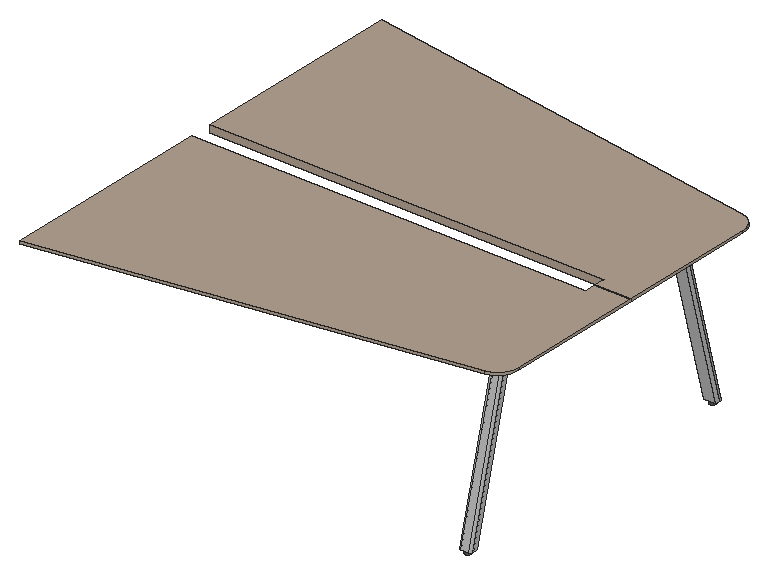
Revit family "Haworth_ActiveComponents_WedgeHalfConferenceEnd_BUILD2", category Furniture Systems, Revit 2015
Parameters (values of type "36d 72w - 66 Panel Width")
  Worksurface Finish [instance] = Haworth _ Wood _ Light Maple VP-LM
  With Leg = yes
  Width = 72"
  Warranty = "https://www.haworth.com/resources/product-info/warranties"
  URL - Product = "https://www.haworth.com/products/workspaces/accessories/active-components"
  URL = "www.haworth.com"
  Thickness = 1 3/16"  # constant formula
  Radius = 3"  # constant formula
  Panel Width = 66"
  Overhang = Actual Width - Panel Width  # 6"
  Min. Width = 60"  # constant formula
  Min. Depth = 28"  # constant formula
  Max. Width = 72"  # constant formula
  Size = "Verify Final Dim. w/ Haworth"  # constant formula
  Revision Number = "1"  # constant formula
  Model = "WAYE"  # constant formula
  Max. Depth = 36"  # constant formula
  Manufacturer = "Haworth"  # constant formula
  Leg Finish [instance] = Haworth _ Paint _ Metallic Champagne
  Leg F/B Offset = if(Actual Depth > 30", Actual Depth - 16 1/2", Actual Depth - 12 1/2")  # 19 1/2"
  Description = "Haworth - Active Components - Wedge Half Conference End"  # constant formula
  Depth = 36"
  Column Leg Offset = if(Actual Width = 72", 8 15/16", 7 15/16")  # 8 15/16"
  Column Leg Control = and(With Leg, not(Angled Leg Control))  # no
  Author = "Haworth (Alias)"  # constant formula
  Assembly Code = "E2020200"
  Angled Leg Offset = 5 3/4"  # constant formula
  Angled Leg Control = and(With Leg, Overhang = 6")  # yes
  Actual Width = if(Width < Min. Width, Min. Width, if(Width > Max. Width, Max. Width, Width))  # 72"
  Actual Height = 29 3/16"  # constant formula
  Actual Depth = if(Depth < Min. Depth, Min. Depth, if(Depth > Max. Depth, Max. Depth, Depth))  # 36"
Types (8): name | Width | Panel Width | Overhang | Leg F/B Offset | Depth | Column Leg Offset | Column Leg Control | Angled Leg Control | Actual Width | Actual Depth
  36d 72w - 66 Panel Width | 72" | 66" | 6" | 19 1/2" | 36" | 8 15/16" | no | yes | 72" | 36"
  36d 72w - 48 Panel Width | 72" | 48" | 24" | 19 1/2" | 36" | 8 15/16" | yes | no | 72" | 36"
  34d 60w - 54 Panel Width | 60" | 54" | 6" | 17 1/2" | 34" | 7 15/16" | no | yes | 60" | 34"
  34d 60w - 42 Panel Width | 60" | 42" | 18" | 17 1/2" | 34" | 7 15/16" | yes | no | 60" | 34"
  28d 60w - 42 Panel Width | 60" | 42" | 18" | 15 1/2" | 28" | 7 15/16" | yes | no | 60" | 28"
  28d 60w - 54 Panel Width | 60" | 54" | 6" | 15 1/2" | 28" | 7 15/16" | no | yes | 60" | 28"
  30d 72w - 48 Panel Width | 72" | 48" | 24" | 17 1/2" | 30" | 8 15/16" | yes | no | 72" | 30"
  30d 72w - 66 Panel Width | 72" | 66" | 6" | 17 1/2" | 30" | 8 15/16" | no | yes | 72" | 30"
Reference planes (in)
  plane 1: z = 0
  plane 2 "Center L/R": x = 17.5
  plane 3 "Left Edge": x = -18.5
  plane 4 "Mid Left": y = -8.17681
  plane 5 "Front": y = -26.17681
  plane 6 "End Left 1": y = 9.82319
  plane 7 "Right Edge": x = 53.5
  plane 8 "Mid Right": y = 31.44819
  plane 9 "Back": y = 49.44819
  plane 10 "End Right 1": y = 13.44819
  plane 11 "Center F/B": y = 11.63569
  plane 12 "Top": z = 29.1875
  plane 13: x = 47.75
  plane 14: x = 44.5625
  plane 15: y = -6.67681
  plane 16: y = 29.94819
Dimensions and locks (in)
  "Actual Depth": plane 6 "End Left 1" to plane 5 "Front"
  "Actual Width": plane 3 "Left Edge" to plane 7 "Right Edge"
  equal spacing: plane 3 "Left Edge", plane 2 "Center L/R", plane 7 "Right Edge"
  equal spacing: plane 5 "Front", plane 4 "Mid Left", plane 6 "End Left 1"
  "Actual Depth": plane 10 "End Right 1" to plane 9 "Back"
  equal spacing: plane 10 "End Right 1", plane 8 "Mid Right", plane 9 "Back"
  "Actual Height": plane 12 "Top" to plane 1
  "Angled Leg Offset": plane 13 to plane 7 "Right Edge"
  "Column Leg Offset": plane 14 to plane 7 "Right Edge"
  "Leg F/B Offset": plane 15 to plane 5 "Front"
  "Leg F/B Offset": plane 16 to plane 9 "Back"
  locked: plane 11 "Center F/B" to plane 6 "End Left 1" at 1.8125
  locked: plane 10 "End Right 1" to plane 11 "Center F/B" at 1.8125
  aligned and locked: plane 1 to nested 1
  aligned and locked: plane 1 to nested 2
  aligned and locked: nested 4 to plane 1
  aligned and locked: nested 3 to plane 1
  aligned and locked: nested 1 to plane 13
  aligned and locked: plane 13 to nested 3
  aligned and locked: plane 14 to nested 4
  aligned and locked: nested 2 to plane 14
  aligned and locked: nested 1 to plane 15
  aligned and locked: plane 16 to nested 3
  aligned and locked: plane 15 to nested 2
  aligned and locked: nested 4 to plane 16
  aligned and locked: plane 1 to nested 5
  aligned and locked: nested 6 to plane 1
  aligned and locked: plane 11 "Center F/B" to nested 5
  aligned and locked: plane 2 "Center L/R" to nested 5
  aligned and locked: plane 11 "Center F/B" to nested 6
  aligned and locked: nested 6 to plane 2 "Center L/R"
Nested families (in)
  nested 1: "Haworth_ActiveComponents_AngledLeg_BUILD" at (46.75, -14.61262, 0), visible <- "Angled Leg Control", type "Angled Leg"
  nested 2: "Haworth_ActiveComponents_ColumnLeg_BUILD" at (43.46875, -6.67681, 0) x (0, 1, 0) z (0, 0, 1), visible <- "Column Leg Control", type "Column Leg"
  nested 3: "Haworth_ActiveComponents_AngledLeg_BUILD" at (46.75, 37.884, 0), visible <- "Angled Leg Control", type "Angled Leg"
  nested 4: "Haworth_ActiveComponents_ColumnLeg_BUILD" at (43.46875, 29.94819, 0) x (0, -1, 0) z (0, 0, 1), visible <- "Column Leg Control", type "Column Leg"
  nested 5: "Haworth_ActiveComponents_WedgeHalfConferenceEnd_Part" at (0, -0.3125, 0), Worksurface Finish <- "Worksurface Finish", type "Worksurface"
    with Worksurface Finish Haworth _ Wood _ Light Maple VP-LM
  nested 6: "Haworth_ActiveComponents_WedgeHalfConferenceEnd_Part" at (0, 23.58388, 0), Worksurface Finish <- "Worksurface Finish", type "Worksurface"
    with Worksurface Finish Haworth _ Wood _ Light Maple VP-LM
Definition of nested family "Haworth_ActiveComponents_AngledLeg_BUILD"
  Parameters (values of type "Angled Leg")
    Warranty = "https://www.haworth.com/resources/product-info/warranties"
    URL - Product = "https://www.haworth.com/products/workspaces/accessories/active-components"
    URL = "www.haworth.com"
    Trim Finish = none
    Revision = "1"  # constant formula
    Note = "Verify Final Dim. w/ Haworth"  # constant formula
    Model = "Haworth Active Components"  # constant formula
    Manufacturer = "Haworth"  # constant formula
    Leg Height = 28"  # constant formula
    Glide Finish = none
    Description = "Haworth Active Components - Angled Leg"  # constant formula
    Author = "Haworth (Alias)"  # constant formula
    Assembly Code = ""
  Reference planes (in)
    plane 1 "Front": y = 0
    plane 2 "Bottom": z = 0
    plane 3 "Center (Left/Right)": x = 0
    plane 4 "Glide End": z = 0.5
    plane 5 "Right": x = 1
    plane 6 "Left": x = -1
    plane 7: z = 28
    plane 8 "Back": y = 11.0625
    plane 9: z = 28
    plane 10: z = 27.764
    plane 11 "Top Middle": y = 7.93581
  Forms (in)
    Extrusion 1, solid, material <- "Glide Finish"
      sketch origin (0, 0, 0) x (1, 0, 0) y (0, 1, 0)
        loop
          circle (0, 0.625) r 0.5
      from 0 to 0.5
    Blend 2, solid, material <- "Trim Finish"
      base sketch origin (0, 0, 0) x (1, 0, 0) y (0, 1, 0)
        loop
          line (-0.625, 0) -> (0.625, 0)
          arc (0.625, 0) -> (0.89017, 0.10983) -> (1, 0.375) r 0.375
          line (1, 0.375) -> (1, 1.1875) -> (-1, 1.1875) -> (-1, 0.375)
          arc (-1, 0.375) -> (-0.89017, 0.10983) -> (-0.625, 0) r 0.375
      top sketch origin (0, 0, 0) x (1, 0, 0) y (0, 1, 0)
        loop
          line (-1, 8.52956) -> (-1, 7.71706)
          arc (-1, 7.71706) -> (-0.89017, 7.45189) -> (-0.625, 7.34206) r 0.375
          line (-0.625, 7.34206) -> (0.625, 7.34206)
          arc (0.625, 7.34206) -> (0.89017, 7.45189) -> (1, 7.71706) r 0.375
          line (1, 7.71706) -> (1, 8.52956) -> (-1, 8.52956)
      from 0.5 to 27.764
    Extrusion 3, solid, material <- "Trim Finish"
      sketch origin (0, 0, 0) x (1, 0, 0) y (0, 1, 0)
        loop
          arc (-3.39, 11.0625) -> (-3.65517, 10.95267) -> (-3.765, 10.6875) r 0.375
          line (-3.765, 10.6875) -> (-3.765, 7.43264)
          arc (-3.765, 7.43264) -> (-3.65517, 7.16748) -> (-3.39, 7.05764) r 0.375
          line (-3.39, 7.05764) -> (0.86, 7.05764)
          arc (0.86, 7.05764) -> (1.12517, 7.16748) -> (1.235, 7.43264) r 0.375
          line (1.235, 7.43264) -> (1.235, 10.6875)
          arc (1.235, 10.6875) -> (1.12517, 10.95267) -> (0.86, 11.0625) r 0.375
          line (0.86, 11.0625) -> (-3.39, 11.0625)
      from 27.764 to 28
  Lines and regions (in)
    Masking region 1, detail levels medium+fine
      outline origin (0, 0, 0) x (1, 0, 0) y (0, 1, 0)
        loop
          arc (-0.985, 0.40547) -> (-0.87035, 0.1231) -> (-0.5913, 0.00058) r 0.40505
          line (-0.5913, 0.00058) -> (0.57004, 0.00058)
          arc (0.57004, 0.00058) -> (0.86642, 0.1119) -> (0.985, 0.40544) r 0.39368
          line (0.985, 0.40544) -> (0.985, 8.52956) -> (-0.985, 8.52956) -> (-0.985, 0.40547)
    symbolic lines, detail levels medium+fine
      curve 1: line (-3.39, 7.05764, 0) -> (0.86, 7.05764, 0)
      curve 2: arc (0.86, 7.05764, 0) -> (1.12517, 7.16748, 0) -> (1.235, 7.43264, 0) r 0.375
      curve 3: line (1.235, 7.43264, 0) -> (1.235, 10.6875, 0)
      curve 4: arc (1.235, 10.6875, 0) -> (1.12517, 10.95267, 0) -> (0.86, 11.0625, 0) r 0.375
      curve 5: line (0.86, 11.0625, 0) -> (-3.39, 11.0625, 0)
      curve 6: arc (-3.39, 11.0625, 0) -> (-3.65517, 10.95267, 0) -> (-3.765, 10.6875, 0) r 0.375
      curve 7: line (-3.765, 10.6875, 0) -> (-3.765, 7.43264, 0)
      curve 8: arc (-3.765, 7.43264, 0) -> (-3.65517, 7.16748, 0) -> (-3.39, 7.05764, 0) r 0.375
  Dimensions and locks (in)
    level to plane 4 "Glide End" = 1/2"
    locked: plane 4 "Glide End" to plane 2 "Bottom" at 0.5
    "Leg Height": plane 7 to plane 2 "Bottom"
    equal spacing: plane 6 "Left", plane 3 "Center (Left/Right)", plane 5 "Right"
    locked: plane 6 "Left" to plane 5 "Right" at 2
    locked: plane 1 "Front" to plane 8 "Back" at 11.0625
    locked: plane 1 "Front" to Extrusion 1 sketch curve at 0.625
    locked: Blend 2 sketch curve to plane 1 "Front" at 1.1875
    locked: Blend 2 sketch curve to plane 8 "Back" at 2.53294
    locked: Blend 2 sketch curve to Blend 2 sketch curve at 1.1875
    locked: plane 9 to plane 10 at 0.236
    locked: Extrusion 3 sketch curve to Extrusion 3 sketch curve at 4.00486
    locked: plane 5 "Right" to Extrusion 3 sketch curve at 0.235
    locked: Extrusion 3 sketch curve to plane 6 "Left" at 2.765
    aligned and locked: Extrusion 1 to plane 2 "Bottom"
    aligned and locked: Extrusion 1 to plane 4 "Glide End"
    aligned and locked: plane 5 "Right" to Blend 2 sketch curve
    aligned and locked: plane 6 "Left" to Blend 2 sketch curve
    aligned and locked: Blend 2 sketch curve to plane 6 "Left"
    aligned and locked: Blend 2 sketch curve to plane 5 "Right"
    aligned and locked: plane 4 "Glide End" to Blend 2
    aligned and locked: plane 3 "Center (Left/Right)" to Extrusion 1 sketch curve
    aligned and locked: plane 1 "Front" to Blend 2 sketch curve
    aligned and locked: plane 10 to Blend 2
    aligned and locked: Extrusion 3 sketch curve to plane 8 "Back"
    aligned and locked: plane 9 to Extrusion 3
    aligned and locked: Extrusion 3 to plane 10
  Automatic sketch dimensions
    Blend 2 sketch curve to plane 6 "Left" = 3/8"  (x2)
    Blend 2 sketch curve to plane 5 "Right" = 3/8"  (x2)
    Extrusion 3 sketch curve to Extrusion 3 sketch curve = 3/8"
    Extrusion 3 sketch curve to plane 8 "Back" = 3/8"
    Extrusion 3 sketch curve to plane 5 "Right" = 0.14"  (x2)
    Masking region 1 sketch curve to plane 6 "Left" = 0.015"
    Masking region 1 sketch curve to plane 1 "Front" = 0.00058"
    Masking region 1 sketch curve to plane 6 "Left" = 0.4087"
    Masking region 1 sketch curve to Masking region 1 sketch curve = 0.40505"
    Masking region 1 sketch curve to plane 5 "Right" = 0.42996"
    Masking region 1 sketch curve to Masking region 1 sketch curve = 0.02145"
    Masking region 1 sketch curve to plane 5 "Right" = 0.015"
    Masking region 1 sketch curve to plane 1 "Front" = 0.39368"
    Masking region 1 sketch curve to plane 11 "Top Middle" = 19/32"
    curve 6 to plane 8 "Back" = 0"
    curve 7 to plane 8 "Back" = 3/8"
    plane 6 "Left" to curve 7 = 2.765"
    curve 7 to curve 8 = 3/8"
    curve 1 to plane 5 "Right" = 0.14"
    curve 4 to plane 5 "Right" = 0.14"
    plane 5 "Right" to curve 3 = 0.235"
    plane 11 "Top Middle" to curve 2 = 0.50317"
    radius of Extrusion 1 sketch curve = 1/2"
Definition of nested family "Haworth_ActiveComponents_ColumnLeg_BUILD"
  Parameters (values of type "Column Leg")
    Warranty = "https://www.haworth.com/resources/product-info/warranties"
    URL - Product = "https://www.haworth.com/products/workspaces/accessories/active-components"
    URL = "www.haworth.com"
    Trim Finish = none
    Revision = "1"  # constant formula
    Note = "Verify Final Dim. w/ Haworth"  # constant formula
    Model = "Haworth Active Components"  # constant formula
    Manufacturer = "Haworth"  # constant formula
    Leg Height = 28"  # constant formula
    Glide Finish = none
    Description = "Haworth Active Components - Column Leg"  # constant formula
    Author = "Haworth (Alias)"  # constant formula
    Assembly Code = ""
  Reference planes (in)
    plane 1 "Center (Front/Back)": y = 0
    plane 2 "Bottom": z = 0
    plane 3 "Center (Left/Right)": x = 0
    plane 4: z = 0.5
    plane 5 "Right": x = 0.6875
    plane 6 "Left": x = -0.6875
    plane 7 "Back": y = 1.09375
    plane 8 "Front": y = -1.09375
    plane 9: z = 28
    plane 10: z = 27.8125
  Forms (in)
    Extrusion 1, solid, material <- "Trim Finish"
      sketch origin (0, 0, 2.5625) x (-1, 0, 0) y (0, -1, 0)
        loop
          arc (0.3125, -1.09375) -> (0.57767, -0.98392) -> (0.6875, -0.71875) r 0.375
          line (0.6875, -0.71875) -> (0.6875, 0.71875)
          arc (0.6875, 0.71875) -> (0.57767, 0.98392) -> (0.3125, 1.09375) r 0.375
          line (0.3125, 1.09375) -> (-0.3125, 1.09375)
          arc (-0.3125, 1.09375) -> (-0.57767, 0.98392) -> (-0.6875, 0.71875) r 0.375
          line (-0.6875, 0.71875) -> (-0.6875, -0.71875)
          arc (-0.6875, -0.71875) -> (-0.57767, -0.98392) -> (-0.3125, -1.09375) r 0.375
          line (-0.3125, -1.09375) -> (0.3125, -1.09375)
      from -2.0625 to 25.25
    Extrusion 2, solid, material <- "Glide Finish"
      sketch origin (0, 0, 0) x (1, 0, 0) y (0, 1, 0)
        loop
          circle (0, 0) r 0.53553
      from 0 to 0.5
    Extrusion 3, solid, material <- "Trim Finish"
      sketch origin (0, 0, 0) x (1, 0, 0) y (0, 1, 0)
        loop
          arc (-2.625, 3) -> (-2.89017, 2.89017) -> (-3, 2.625) r 0.375
          line (-3, 2.625) -> (-3, -2.625)
          arc (-3, -2.625) -> (-2.89017, -2.89017) -> (-2.625, -3) r 0.375
          line (-2.625, -3) -> (2.625, -3)
          arc (2.625, -3) -> (2.89017, -2.89017) -> (3, -2.625) r 0.375
          line (3, -2.625) -> (3, 2.625)
          arc (3, 2.625) -> (2.89017, 2.89017) -> (2.625, 3) r 0.375
          line (2.625, 3) -> (-2.625, 3)
      from 27.8125 to 28
  Lines and regions (in)
    Masking region 1, detail levels medium+fine
      outline origin (0, 0, 0) x (1, 0, 0) y (0, 1, 0)
        loop
          arc (-0.3125, 1.09375) -> (-0.57767, 0.98392) -> (-0.6875, 0.71875) r 0.375
          line (-0.6875, 0.71875) -> (-0.6875, -0.71875)
          arc (-0.6875, -0.71875) -> (-0.57767, -0.98392) -> (-0.3125, -1.09375) r 0.375
          line (-0.3125, -1.09375) -> (0.3125, -1.09375)
          arc (0.3125, -1.09375) -> (0.57767, -0.98392) -> (0.6875, -0.71875) r 0.375
          line (0.6875, -0.71875) -> (0.6875, 0.71875)
          arc (0.6875, 0.71875) -> (0.57767, 0.98392) -> (0.3125, 1.09375) r 0.375
          line (0.3125, 1.09375) -> (-0.3125, 1.09375)
    symbolic lines, detail levels medium+fine
      curve 1: line (2.625, 3, 0) -> (-2.625, 3, 0)
      curve 2: arc (-2.625, 3, 0) -> (-2.89017, 2.89017, 0) -> (-3, 2.625, 0) r 0.375
      curve 3: line (-3, 2.625, 0) -> (-3, -2.625, 0)
      curve 4: arc (-3, -2.625, 0) -> (-2.89017, -2.89017, 0) -> (-2.625, -3, 0) r 0.375
      curve 5: line (-2.625, -3, 0) -> (2.625, -3, 0)
      curve 6: arc (2.625, -3, 0) -> (2.89017, -2.89017, 0) -> (3, -2.625, 0) r 0.375
      curve 7: line (3, -2.625, 0) -> (3, 2.625, 0)
      curve 8: arc (3, 2.625, 0) -> (2.89017, 2.89017, 0) -> (2.625, 3, 0) r 0.375
  Dimensions and locks (in)
    level to plane 4 = 1/2"
    locked: plane 4 to plane 2 "Bottom" at 0.5
    equal spacing: plane 6 "Left", plane 3 "Center (Left/Right)", plane 5 "Right"
    locked: plane 6 "Left" to plane 5 "Right" at 1.375
    equal spacing: plane 8 "Front", plane 1 "Center (Front/Back)", plane 7 "Back"
    locked: plane 7 "Back" to plane 8 "Front" at 2.1875
    "Leg Height": plane 9 to plane 2 "Bottom"
    locked: plane 9 to plane 10 at 0.1875
    locked: plane 3 "Center (Left/Right)" to Extrusion 3 sketch curve at 3
    locked: Extrusion 3 sketch curve to plane 3 "Center (Left/Right)" at 3
    locked: Extrusion 3 sketch curve to plane 1 "Center (Front/Back)" at 3
    locked: plane 1 "Center (Front/Back)" to Extrusion 3 sketch curve at 3
    aligned and locked: Extrusion 2 to plane 2 "Bottom"
    aligned and locked: Extrusion 2 to plane 4
    aligned and locked: plane 4 to Extrusion 1
    aligned and locked: plane 1 "Center (Front/Back)" to Extrusion 2 sketch curve
    aligned and locked: plane 3 "Center (Left/Right)" to Extrusion 2 sketch curve
    aligned and locked: Extrusion 1 sketch curve to plane 5 "Right"
    aligned and locked: Extrusion 1 sketch curve to plane 6 "Left"
    aligned and locked: Extrusion 1 sketch curve to plane 7 "Back"
    aligned and locked: Extrusion 1 sketch curve to plane 8 "Front"
    aligned and locked: Masking region 1 sketch curve to plane 5 "Right"
    aligned and locked: Masking region 1 sketch curve to plane 7 "Back"
    aligned and locked: Masking region 1 sketch curve to plane 6 "Left"
    aligned and locked: Masking region 1 sketch curve to plane 8 "Front"
    aligned and locked: plane 10 to Extrusion 1
    aligned and locked: plane 9 to Extrusion 3
    aligned and locked: Extrusion 3 to plane 10
  Automatic sketch dimensions
    plane 3 "Center (Left/Right)" to Extrusion 1 sketch curve = 5/16"  (x2)
    Extrusion 1 sketch curve to plane 3 "Center (Left/Right)" = 5/16"  (x2)
    Masking region 1 sketch curve to plane 3 "Center (Left/Right)" = 5/16"  (x2)
    plane 3 "Center (Left/Right)" to Masking region 1 sketch curve = 5/16"  (x2)
    Extrusion 3 sketch curve to Extrusion 3 sketch curve = 3/8"  (x3)
    plane 5 "Right" to Extrusion 3 sketch curve = 1 15/16"
    plane 6 "Left" to curve 3 = 2 5/16"
    curve 3 to curve 5 = 3/8"
    curve 2 to curve 1 = 3/8"
    plane 5 "Right" to curve 1 = 1 15/16"
    plane 5 "Right" to curve 5 = 1 15/16"
    curve 8 to curve 7 = 3/8"
    plane 8 "Front" to curve 5 = 1 29/32"
    plane 7 "Back" to curve 2 = 1 17/32"
    radius of Extrusion 2 sketch curve = 0.53553"
Definition of nested family "Haworth_ActiveComponents_WedgeHalfConferenceEnd_Part"
  Parameters (values of type "36d 72w - 66 Panel Width")
    Worksurface Finish [instance] = none
    Width = 72"
    Warranty = "https://www.haworth.com/resources/product-info/warranties"
    URL - Product = "https://www.haworth.com/products/workspaces/accessories/active-components"
    URL = "www.haworth.com"
    Thickness = 1 3/16"  # constant formula
    Surface Angle = if(Actual Depth > 30", 9.00°, 7.00°)  # 9.00°
    Radius = 3 1/2"  # constant formula
    Overhang = Actual Width - Panel Width  # 6"
    Panel Width = 66"
    Overall Depth = Actual Depth + 1 13/16"  # 37 13/16"
    Min. Width = 60"  # constant formula
    Min. Depth = 28"  # constant formula
    Max. Width = 72"  # constant formula
    Size = "Verify Final Dim. w/ Haworth"  # constant formula
    Revision Number = "1"  # constant formula
    Model = "WAYE"  # constant formula
    Max. Depth = 36"  # constant formula
    Manufacturer = "Haworth"  # constant formula
    Inside Radius = 1 1/2"  # constant formula
    Description = "Haworth - Active Components - Wedge Half Conference End"  # constant formula
    Depth = 36"
    Author = "Haworth (Alias)"  # constant formula
    Assembly Code = "E2020200"
    Actual Width = if(Width < Min. Width, Min. Width, if(Width > Max. Width, Max. Width, Width))  # 72"
    Actual Height = 29 3/16"  # constant formula
    Actual Depth = if(Depth < Min. Depth, Min. Depth, if(Depth > Max. Depth, Max. Depth, Depth))  # 36"
  Types (8): name | Width | Surface Angle | Overhang | Panel Width | Overall Depth | Depth | Actual Width | Actual Depth
    36d 72w - 66 Panel Width | 72" | 9.00° | 6" | 66" | 37 13/16" | 36" | 72" | 36"
    30d 72w - 66 Panel Width | 72" | 7.00° | 6" | 66" | 31 13/16" | 30" | 72" | 30"
    28d 60w - 54 Panel Width | 60" | 7.00° | 6" | 54" | 29 13/16" | 28" | 60" | 28"
    34d 60w - 54 Panel Width | 60" | 9.00° | 6" | 54" | 35 13/16" | 34" | 60" | 34"
    36d 72w - 48 Panel Width | 72" | 9.00° | 24" | 48" | 37 13/16" | 36" | 72" | 36"
    34d 60w - 42 Panel Width | 60" | 9.00° | 18" | 42" | 35 13/16" | 34" | 60" | 34"
    30d 72w - 48 Panel Width | 72" | 7.00° | 24" | 48" | 31 13/16" | 30" | 72" | 30"
    28d 60w - 42 Panel Width | 60" | 7.00° | 18" | 42" | 29 13/16" | 28" | 60" | 28"
  Reference planes (in)
    plane 1: z = 0
    plane 2 "Center L/R": x = 17.5
    plane 3 "Left Edge": x = -18.5
    plane 4 "Right Panel": x = 47.5
    plane 5 "Support Top": z = 29.1875
    plane 6 "Center F/B": y = -7.86431
    plane 7 "Back": y = 10.13569
    plane 8 "Front": y = -25.86431
    plane 9 "Knife Edge": y = -23.86431
    plane 10 "Knife Edge Seam": z = 28.8125
    plane 11: y = 11.94819
    plane 12 "Right Edge": x = 53.5
    plane 13 "Knife Edge 2": x = 51.5
    plane 14 "Knife Edge Back": y = 9.94819
    plane 15: z = 28
    plane 16: x = -20.5
  Forms (in)
    Extrusion 1, solid, material <- "Worksurface Finish"
      sketch origin (0, 0, 0) x (1, 0, 0) y (0, 1, 0)
        loop
          line (-18.5, 10.13569) -> (-18.5, -25.86431) -> (50.54752, -14.92826)
          arc (50.54752, -14.92826) -> (52.66142, -13.74442) -> (53.5, -11.47135) r 3.5
          line (53.5, -11.47135) -> (53.5, 11.94819) -> (47.5, 11.94819) -> (47.5, 10.13569) -> (-18.5, 10.13569)
      from 28 to 29.1875
    Sweep 2, void
      path in 3D
        loop
          line (-18.5, -25.86431, 29.1875) -> (50.54752, -14.92826, 29.1875)
          arc (50.54752, -14.92826, 29.1875) -> (52.66142, -13.74442, 29.1875) -> (53.5, -11.47135, 29.1875) r 3.5
          line (53.5, -11.47135, 29.1875) -> (53.5, 11.94819, 29.1875)
      profile origin (53.5, 0.23842, 29.1875) x (-1, 0, 0) y (0, 0, 1)
        loop
          line (0, -0.375) -> (0, -1.1875) -> (2, -1.1875) -> (0, -0.375)
  Cuts and joins
    Sweep 2 cuts Extrusion 1
  Lines and regions (in)
    Masking region 1
      outline origin (0, 0, 0) x (1, 0, 0) y (0, 1, 0)
        loop
          line (53.5, 11.94819) -> (47.5, 11.94819) -> (47.5, 10.13569) -> (-18.5, 10.13569) -> (-18.5, -25.86431) -> (50.59137, -14.92131)
          arc (50.59137, -14.92131) -> (52.6758, -13.72776) -> (53.5, -11.47163) r 3.5
          line (53.5, -11.47163) -> (53.5, 11.94819)
    sketch lines
      curve 1: line (53.5, -11.47135, 29.1875) -> (53.5, 11.94819, 29.1875)
      curve 2: arc (53.5, -11.47135, 29.1875) -> (52.66142, -13.74442, 29.1875) -> (50.54752, -14.92826, 29.1875) r 3.5
      curve 3: line (-18.5, -25.86431, 29.1875) -> (50.54752, -14.92826, 29.1875)
  Dimensions and locks (in)
    equal spacing: plane 8 "Front", plane 6 "Center F/B", plane 7 "Back"
    "Actual Depth": plane 8 "Front" to plane 7 "Back"
    locked: plane 5 "Support Top" to plane 10 "Knife Edge Seam" at 0.375
    "Overall Depth": plane 11 to plane 8 "Front"
    "Actual Width": plane 3 "Left Edge" to plane 12 "Right Edge"
    locked: plane 13 "Knife Edge 2" to plane 12 "Right Edge" at 2
    locked: plane 8 "Front" to plane 9 "Knife Edge" at 2
    equal spacing: plane 3 "Left Edge", plane 2 "Center L/R", plane 12 "Right Edge"
    "Panel Width": plane 3 "Left Edge" to plane 4 "Right Panel"
    locked: plane 11 to plane 14 "Knife Edge Back" at 2
    "Actual Height": plane 5 "Support Top" to plane 1
    "Thickness": plane 15 to plane 5 "Support Top"
    locked: plane 16 to plane 3 "Left Edge" at 2
    "Radius": radius of Masking region 1 sketch curve
    "Radius": radius of Extrusion 1 sketch curve
    "Surface Angle": angle plane 8 "Front" to Masking region 1 sketch curve
    "Surface Angle": angle plane 8 "Front" to Extrusion 1 sketch curve
    aligned and locked: Extrusion 1 sketch curve to plane 7 "Back"
    aligned and locked: Extrusion 1 sketch curve to plane 12 "Right Edge"
    aligned and locked: Extrusion 1 sketch curve to plane 11
    aligned and locked: Extrusion 1 sketch curve to plane 4 "Right Panel"
    aligned and locked: plane 3 "Left Edge" to Masking region 1 sketch curve
    aligned and locked: plane 7 "Back" to Masking region 1 sketch curve
    aligned and locked: Masking region 1 sketch curve to plane 4 "Right Panel"
    aligned and locked: plane 11 to Masking region 1 sketch curve
    aligned and locked: plane 12 "Right Edge" to Masking region 1 sketch curve
    aligned and locked: plane 3 "Left Edge" to Extrusion 1 sketch curve
    aligned and locked: plane 8 "Front" to Extrusion 1 sketch curve
    aligned and locked: plane 8 "Front" to Masking region 1 sketch curve
    aligned and locked: plane 5 "Support Top" to Extrusion 1
    aligned and locked: plane 15 to Extrusion 1
    aligned and locked: plane 15 to Sweep 2 sketch curve
    aligned and locked: plane 10 "Knife Edge Seam" to Sweep 2 sketch curve
    aligned and locked: plane 12 "Right Edge" to Sweep 2 sketch curve
    aligned and locked: plane 13 "Knife Edge 2" to Sweep 2 sketch curve
  Automatic sketch dimensions
    plane 13 "Knife Edge 2" to Masking region 1 sketch curve = 0.90863"
    plane 13 "Knife Edge 2" to Extrusion 1 sketch curve = 0.95248"
